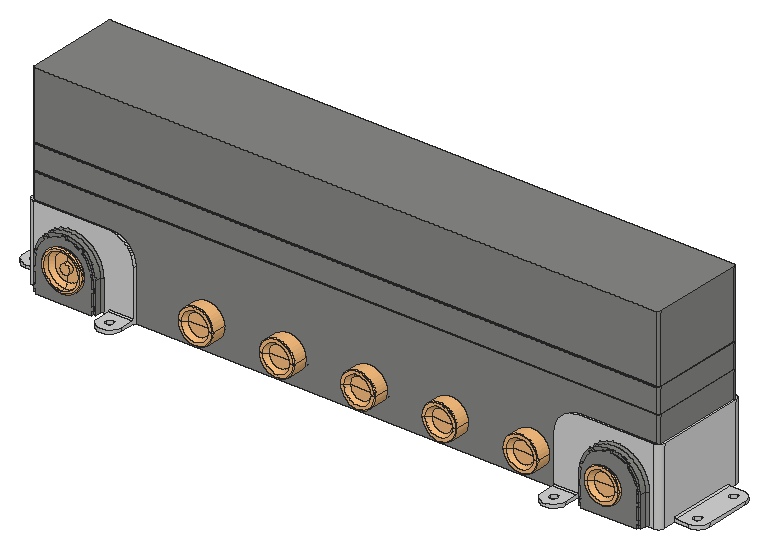
Revit family "Valve-Six_Outlet_Thermostatic-KOHLER-K-26344IN_1", category Plumbing Fixtures, host Face, Revit 2017 (continued)
Definition of nested family "K-26344IN"
  Lines and regions (in)
    symbolic lines, detail levels medium+fine
      curve 164: arc (2.74684, 0, 0.88574) -> (3.29801, 0, 0.33456) -> (3.84919, 0, 0.88574) r 0.55118
      curve 165: arc (2.76518, 0, 0.88574) -> (3.29801, 0, 0.3529) -> (3.83085, 0, 0.88574) r 0.53284
      curve 166: arc (3.72974, 0, 0.88574) -> (3.29801, 0, 0.45401) -> (2.86629, 0, 0.88574) r 0.43173
      curve 167: arc (3.63955, 0, 0.88574) -> (3.29801, 0, 0.54421) -> (2.95648, 0, 0.88574) r 0.34154
      curve 168: arc (3.29918, 0, 1.03768) -> (3.14926, 0, 0.88777) -> (3.29918, 0, 0.73785) r 0.14992
      curve 169: arc (3.29918, 0, 0.73785) -> (3.44909, 0, 0.88777) -> (3.29918, 0, 1.03768) r 0.14992
      curve 170: arc (2.95648, 0, 0.88574) -> (3.29801, 0, 1.22728) -> (3.63955, 0, 0.88574) r 0.34154
      curve 171: arc (2.86629, 0, 0.88574) -> (3.29801, 0, 1.31747) -> (3.72974, 0, 0.88574) r 0.43173
      curve 172: arc (3.83085, 0, 0.88574) -> (3.29801, 0, 1.41858) -> (2.76518, 0, 0.88574) r 0.53284
      curve 173: arc (3.84919, 0, 0.88574) -> (3.29801, 0, 1.43692) -> (2.74684, 0, 0.88574) r 0.55118
      curve 174: line (9.97041, 0, 0.01969) -> (9.97041, 0, 0.17181)
      curve 175: line (9.99852, 0, 0.01969) -> (9.64344, 0, 0.01969)
      curve 176: line (-9.97044, 0, 0.01969) -> (-9.97044, 0, 0.17181)
      curve 177: line (-9.99855, 0, 0.01969) -> (-9.64347, 0, 0.01969)
      curve 178: line (0, 1.84826, 0.01969) -> (0, 1.84826, 1.91975)
      curve 179: line (0, 1.84826, 0.01969) -> (0, 1.59449, 0.01969)
      curve 180: line (0, 1.59449, 0) -> (0, 1.59449, 2.01706)
      curve 181: line (0, 1.92913, 0.32868) -> (0, 1.92913, 1.63661)
      curve 182: line (0, 1.51532, 2.38189) -> (0, -1.51575, 2.38189)
      curve 183: line (0, -1.84826, 0.01969) -> (0, -1.84826, 1.91975)
      curve 184: line (0, -1.84826, 0.01969) -> (0, -1.59449, 0.01969)
      curve 185: line (0, -1.59449, 0) -> (0, -1.59449, 2.01706)
      curve 186: line (0, -1.92913, 0.32868) -> (0, -1.92913, 1.63661)
      curve 187: line (0, 1.92913, 0.11829) -> (0, 1.92913, 0)
      curve 188: line (0, -1.92913, 0.11829) -> (0, -1.92913, 0)
      curve 189: line (0, -1.96296, 0.01953) -> (0, -1.92913, 0.01953)
      curve 190: line (0, 1.96296, 0.01953) -> (0, 1.92913, 0.01953)
      curve 191: line (9.87198, 0, 5.63386) -> (-9.87206, 0, 5.63386)
      curve 192: line (0, 1.51532, 5.63386) -> (0, -1.51575, 5.63386)
      curve 193: arc (6.40728, 0, 0.88557) -> (5.85611, 0, 1.43675) -> (5.30493, 0, 0.88557) r 0.55118
      curve 194: arc (6.38894, 0, 0.88557) -> (5.85611, 0, 1.41841) -> (5.32327, 0, 0.88557) r 0.53284
      curve 195: arc (5.42438, 0, 0.88557) -> (5.85611, 0, 1.3173) -> (6.28783, 0, 0.88557) r 0.43173
      curve 196: arc (5.51457, 0, 0.88557) -> (5.85611, 0, 1.22711) -> (6.19764, 0, 0.88557) r 0.34154
      curve 197: arc (6.19764, 0, 0.88557) -> (5.85611, 0, 0.54404) -> (5.51457, 0, 0.88557) r 0.34154
      curve 198: arc (6.28783, 0, 0.88557) -> (5.85611, 0, 0.45385) -> (5.42438, 0, 0.88557) r 0.43173
      curve 199: arc (5.32327, 0, 0.88557) -> (5.85611, 0, 0.35274) -> (6.38894, 0, 0.88557) r 0.53284
      curve 200: arc (5.30493, 0, 0.88557) -> (5.85611, 0, 0.3344) -> (6.40728, 0, 0.88557) r 0.55118
      curve 201: arc (5.85726, 0, 1.03768) -> (5.70734, 0, 0.88777) -> (5.85726, 0, 0.73785) r 0.14992
      curve 202: arc (5.85726, 0, 0.73785) -> (6.00717, 0, 0.88777) -> (5.85726, 0, 1.03768) r 0.14992
      curve 203: arc (-9.79471, 1.51532, 0.88574) -> (-9.84906, 1.49281, 0.88574) -> (-9.87157, 1.43846, 0.88574) r 0.07686
      curve 204: arc (9.79328, -1.51575, 0.88574) -> (9.84897, -1.49268, 0.88574) -> (9.87204, -1.43698, 0.88574) r 0.07876
      curve 205: line (-9.79428, -1.51575, 0.88574) -> (9.79328, -1.51575, 0.88574)
    reference lines
      curve 206: line (-1.82014, 1.51532, 0.88574) -> (-1.82014, 7.19166, 0.88574)
      curve 207: line (0.73818, 1.51532, 0.88574) -> (0.73818, 7.19166, 0.88574)
      curve 208: line (3.29803, 1.51532, 0.88574) -> (3.29803, 7.19166, 0.88574)
      curve 209: line (5.85611, 1.51532, 0.88574) -> (5.85611, 7.19166, 0.88574)
      curve 217: line (8.41418, 1.51532, 0.88574) -> (8.41418, 5.9687, 0.88574)
      curve 218: line (-4.37846, 1.51532, 0.88574) -> (-4.37846, 6.69166, 0.88574)
    symbolic lines, detail levels coarse
      curve 210: line (-1.08357, 0, 4.80273) -> (1.08179, 0, 3.62163)
      curve 211: line (1.08179, 0, 4.80273) -> (-1.08357, 0, 3.62163)
      curve 212: line (-1.08357, 0, 3.62163) -> (-1.08357, 0, 4.80273)
      curve 213: line (1.08179, 0, 4.80273) -> (1.08179, 0, 3.62163)
      curve 214: line (-0.00089, 0, 4.21218) -> (-0.00089, 0, 3.14646)
      curve 215: line (-1.10075, 0, 3.14646) -> (1.06461, 0, 3.14646)
      curve 216: arc (-1.10075, 0, 3.14646) -> (-0.01807, 0, 2.38189) -> (1.06461, 0, 3.14646) r 1.14885
  Dimensions and locks (in)
    "Connector 2 Dist": plane 79 "C" to plane 61
    "Connector 3 Dist": plane 61 to plane 80 "D"
    "Connector 4 Dist": plane 61 to plane 81 "E"
    "Connector 5 Dist": plane 82 "F" to plane 61
    "Connector 6 Dist": plane 84 "G" to plane 61
    "Connector 1 Dist": plane 85 "B" to plane 61
    "Connector 2 Angle": angle curve 206 to plane 30
    "Connector 3 Angle": angle plane 36 to curve 207
    "Connector 4 Angle": angle curve 208 to plane 39
    "Connector 5 Angle": angle plane 42 to curve 209
    "Connector 6 Angle": angle plane 83 to curve 217
    "Connector 1 Angle": angle plane 33 to curve 218
    aligned and locked: plane 2 to level
    aligned and locked: plane 79 "C" to curve 206
    aligned and locked: plane 80 "D" to curve 207
    aligned and locked: plane 81 "E" to curve 208
    aligned and locked: plane 82 "F" to curve 209
    aligned and locked: Revolve 27 sketch curve to curve 206
    aligned and locked: Revolve 27 sketch curve to Revolve 27 sketch curve
    aligned and locked: Revolve 28 sketch curve to curve 207
    aligned and locked: Revolve 28 sketch curve to Revolve 28 sketch curve
    aligned and locked: Revolve 29 sketch curve to curve 208
    aligned and locked: Revolve 29 sketch curve to Revolve 29 sketch curve
    aligned and locked: Revolve 30 sketch curve to curve 209
    aligned and locked: Revolve 30 sketch curve to Revolve 30 sketch curve
    aligned and locked: plane 84 "G" to curve 217
    aligned and locked: Revolve 34 sketch curve to curve 217
    aligned and locked: Revolve 34 sketch curve to Revolve 34 sketch curve
    aligned and locked: plane 85 "B" to curve 218
    aligned and locked: Revolve 42 sketch curve to curve 218
    aligned and locked: Revolve 42 sketch curve to Revolve 42 sketch curve
    aligned and locked: Extrusion 35 to cut or joined group of Extrusion 1, Sweep 3, Extrusion 4, Sweep 16, Extrusion 17, Sweep 22, Extrusion 23, Extrusion 24, Extrusion 25, Extrusion 26
  Automatic sketch dimensions
    curve 1 to plane 14 = 0.00006"
    curve 3 to plane 66 = 0.00112"
    curve 3 to plane 24 = 0.02068"
    curve 2 to plane 53 = 0.01832"
    curve 4 to plane 45 = 0"
    curve 2 to plane 24 = 0.02068"
    curve 4 to plane 66 = 0.00061"
    curve 1 to plane 64 = 0.00149"
    curve 189 to plane 7 = 0"
    curve 188 to level = 0"
    plane 6 to curve 188 = 0"
    curve 185 to level = 0"
    curve 192 to plane 11 = 0"
    plane 8 to curve 182 = 0"
    curve 180 to level = 0"
    plane 6 to curve 187 = 0"
    curve 187 to level = 0"
    curve 190 to plane 7 = 0"
    plane 7 to curve 183 = 0.00015"
    plane 78 to curve 183 = 0.12046"
    plane 7 to curve 178 = 0.00015"
    plane 77 to curve 178 = 0.12044"
    curve 182 to plane 61 = 0.00018"
    curve 192 to plane 61 = 0.00018"
    plane 63 to curve 184 = 0.00018"
    plane 78 to curve 186 = 0.03959"
    plane 78 to curve 188 = 0.03959"
    plane 78 to curve 189 = 0.00576"
    curve 179 to plane 62 = 0.00018"
    plane 77 to curve 187 = 0.03956"
    plane 77 to curve 181 = 0.03956"
    plane 77 to curve 190 = 0.00574"
    plane 9 to curve 186 = 0.17484"
    plane 9 to curve 181 = 0.17484"
    plane 5 to curve 181 = 0.64739"
    plane 5 to curve 186 = 0.64739"
    curve 186 to curve 183 = 0.28314"
    curve 181 to curve 178 = 0.28314"
    curve 183 to curve 185 = 0.09731"
    curve 178 to curve 180 = 0.09731"
    curve 9 to curve 27 = 0"  (x2)
    curve 9 to curve 31 = 0"  (x2)
    curve 9 to curve 35 = 0"  (x2)
    curve 9 to curve 39 = 0"  (x2)
    curve 9 to curve 43 = 0"  (x2)
    curve 25 to curve 29 = 0"  (x2)
    curve 25 to curve 33 = 0"  (x2)
    curve 25 to curve 37 = 0"  (x2)
    curve 25 to curve 41 = 0"  (x2)
    curve 25 to curve 45 = 0"  (x2)
    curve 27 to curve 31 = 0"  (x2)
    curve 27 to curve 35 = 0"  (x2)
    curve 27 to curve 39 = 0"  (x2)
    curve 27 to curve 43 = 0"  (x2)
    curve 29 to curve 33 = 0"  (x2)
    curve 29 to curve 37 = 0"  (x2)
    curve 29 to curve 41 = 0"  (x2)
    curve 29 to curve 45 = 0"  (x2)
    curve 31 to curve 35 = 0"  (x2)
    curve 31 to curve 39 = 0"  (x2)
    curve 31 to curve 43 = 0"  (x2)
    curve 33 to curve 37 = 0"  (x2)
    curve 33 to curve 41 = 0"  (x2)
    curve 33 to curve 45 = 0"  (x2)
    curve 35 to curve 39 = 0"  (x2)
    curve 35 to curve 43 = 0"  (x2)
    curve 37 to curve 41 = 0"  (x2)
    curve 37 to curve 45 = 0"  (x2)
    curve 39 to curve 43 = 0"  (x2)
    curve 41 to curve 45 = 0"  (x2)
    curve 56 to curve 57 = 0"  (x2)
    curve 56 to curve 58 = 0"  (x2)
    curve 56 to curve 59 = 0"  (x2)
    curve 56 to curve 60 = 0"  (x2)
    curve 56 to curve 61 = 0"  (x2)
    curve 56 to curve 62 = 0"  (x2)
    curve 56 to curve 63 = 0"  (x2)
    curve 57 to curve 58 = 0"  (x2)
    curve 57 to curve 59 = 0"  (x2)
    curve 57 to curve 60 = 0"  (x2)
    curve 57 to curve 61 = 0"  (x2)
    curve 57 to curve 62 = 0"  (x2)
    curve 57 to curve 63 = 0"  (x2)
    curve 58 to curve 59 = 0"  (x2)
    curve 58 to curve 60 = 0"  (x2)
    curve 58 to curve 61 = 0"  (x2)
    curve 58 to curve 62 = 0"  (x2)
    curve 58 to curve 63 = 0"  (x2)
    curve 59 to curve 60 = 0"  (x2)
    curve 59 to curve 61 = 0"  (x2)
    curve 59 to curve 62 = 0"  (x2)
    curve 59 to curve 63 = 0"  (x2)
    curve 60 to curve 61 = 0"  (x2)
    curve 60 to curve 62 = 0"  (x2)
    curve 60 to curve 63 = 0"  (x2)
    curve 61 to curve 62 = 0"  (x2)
    curve 61 to curve 63 = 0"  (x2)
    curve 62 to curve 63 = 0"  (x2)
    curve 64 to curve 65 = 0"  (x2)
    curve 70 to curve 88 = 0"  (x2)
    curve 70 to curve 92 = 0"  (x2)
    curve 70 to curve 96 = 0"  (x2)
    curve 70 to curve 100 = 0"  (x2)
    curve 70 to curve 104 = 0"  (x2)
    curve 86 to curve 90 = 0"  (x2)
    curve 86 to curve 94 = 0"  (x2)
    curve 86 to curve 98 = 0"  (x2)
    curve 86 to curve 102 = 0"  (x2)
    curve 86 to curve 106 = 0"  (x2)
    curve 88 to curve 92 = 0"  (x2)
    curve 88 to curve 96 = 0"  (x2)
    curve 88 to curve 100 = 0"  (x2)
    curve 88 to curve 104 = 0"  (x2)
    curve 90 to curve 94 = 0"  (x2)
    curve 90 to curve 98 = 0"  (x2)
    curve 90 to curve 102 = 0"  (x2)
    curve 90 to curve 106 = 0"  (x2)
    curve 92 to curve 96 = 0"  (x2)
    curve 92 to curve 100 = 0"  (x2)
    curve 92 to curve 104 = 0"  (x2)
    curve 94 to curve 98 = 0"  (x2)
    curve 94 to curve 102 = 0"  (x2)
    curve 94 to curve 106 = 0"  (x2)
    curve 96 to curve 100 = 0"  (x2)
    curve 96 to curve 104 = 0"  (x2)
    curve 98 to curve 102 = 0"  (x2)
    curve 98 to curve 106 = 0"  (x2)
    curve 100 to curve 104 = 0"  (x2)
    curve 102 to curve 106 = 0"  (x2)
    curve 117 to curve 118 = 0"  (x2)
    curve 117 to curve 119 = 0"  (x2)
    curve 117 to curve 120 = 0"  (x2)
    curve 117 to curve 121 = 0"  (x2)
    curve 117 to curve 122 = 0"  (x2)
    curve 117 to curve 125 = 0"  (x2)
    curve 117 to curve 126 = 0"  (x2)
    curve 118 to curve 119 = 0"  (x2)
    curve 118 to curve 120 = 0"  (x2)
    curve 118 to curve 121 = 0"  (x2)
    curve 118 to curve 122 = 0"  (x2)
    curve 118 to curve 125 = 0"  (x2)
    curve 118 to curve 126 = 0"  (x2)
    curve 119 to curve 120 = 0"  (x2)
    curve 119 to curve 121 = 0"  (x2)
    curve 119 to curve 122 = 0"  (x2)
    curve 119 to curve 125 = 0"  (x2)
    curve 119 to curve 126 = 0"  (x2)
    curve 120 to curve 121 = 0"  (x2)
    curve 120 to curve 122 = 0"  (x2)
    curve 120 to curve 125 = 0"  (x2)
    curve 120 to curve 126 = 0"  (x2)
    curve 121 to curve 122 = 0"  (x2)
    curve 121 to curve 125 = 0"  (x2)
    curve 121 to curve 126 = 0"  (x2)
    curve 122 to curve 125 = 0"  (x2)
    curve 122 to curve 126 = 0"  (x2)
    curve 123 to curve 124 = 0"  (x2)
    curve 125 to curve 126 = 0"  (x2)
    curve 134 to curve 135 = 0"  (x2)
    curve 134 to curve 136 = 0"  (x2)
    curve 134 to curve 137 = 0"  (x2)
    curve 134 to curve 140 = 0"  (x2)
    curve 134 to curve 141 = 0"  (x2)
    curve 134 to curve 142 = 0"  (x2)
    curve 134 to curve 143 = 0"  (x2)
    curve 135 to curve 136 = 0"  (x2)
    curve 135 to curve 137 = 0"  (x2)
    curve 135 to curve 140 = 0"  (x2)
    curve 135 to curve 141 = 0"  (x2)
    curve 135 to curve 142 = 0"  (x2)
    curve 135 to curve 143 = 0"  (x2)
    curve 136 to curve 137 = 0"  (x2)
    curve 136 to curve 140 = 0"  (x2)
    curve 136 to curve 141 = 0"  (x2)
    curve 136 to curve 142 = 0"  (x2)
    curve 136 to curve 143 = 0"  (x2)
    curve 137 to curve 140 = 0"  (x2)
    curve 137 to curve 141 = 0"  (x2)
    curve 137 to curve 142 = 0"  (x2)
    curve 137 to curve 143 = 0"  (x2)
    curve 138 to curve 139 = 0"  (x2)
    curve 140 to curve 141 = 0"  (x2)
    curve 140 to curve 142 = 0"  (x2)
    curve 140 to curve 143 = 0"  (x2)
    curve 141 to curve 142 = 0"  (x2)
    curve 141 to curve 143 = 0"  (x2)
    curve 142 to curve 143 = 0"  (x2)
    curve 144 to curve 145 = 0"  (x2)
    curve 144 to curve 146 = 0"  (x2)
    curve 144 to curve 147 = 0"  (x2)
    curve 144 to curve 150 = 0"  (x2)
    curve 144 to curve 151 = 0"  (x2)
    curve 144 to curve 152 = 0"  (x2)
    curve 144 to curve 153 = 0"  (x2)
    curve 145 to curve 146 = 0"  (x2)
    curve 145 to curve 147 = 0"  (x2)
    curve 145 to curve 150 = 0"  (x2)
    curve 145 to curve 151 = 0"  (x2)
    curve 145 to curve 152 = 0"  (x2)
    curve 145 to curve 153 = 0"  (x2)
    curve 146 to curve 147 = 0"  (x2)
    curve 146 to curve 150 = 0"  (x2)
    curve 146 to curve 151 = 0"  (x2)
    curve 146 to curve 152 = 0"  (x2)
    curve 146 to curve 153 = 0"  (x2)
    curve 147 to curve 150 = 0"  (x2)
    curve 147 to curve 151 = 0"  (x2)
    curve 147 to curve 152 = 0"  (x2)
    curve 147 to curve 153 = 0"  (x2)
    curve 148 to curve 149 = 0"  (x2)
    curve 150 to curve 151 = 0"  (x2)
    curve 150 to curve 152 = 0"  (x2)
    curve 150 to curve 153 = 0"  (x2)
    curve 151 to curve 152 = 0"  (x2)
    curve 151 to curve 153 = 0"  (x2)
    curve 152 to curve 153 = 0"  (x2)
    curve 154 to curve 155 = 0"  (x2)
    curve 154 to curve 156 = 0"  (x2)
    curve 154 to curve 157 = 0"  (x2)
    curve 154 to curve 160 = 0"  (x2)
    curve 154 to curve 161 = 0"  (x2)
    curve 154 to curve 162 = 0"  (x2)
    curve 154 to curve 163 = 0"  (x2)
    curve 155 to curve 156 = 0"  (x2)
    curve 155 to curve 157 = 0"  (x2)
    curve 155 to curve 160 = 0"  (x2)
    curve 155 to curve 161 = 0"  (x2)
    curve 155 to curve 162 = 0"  (x2)
    curve 155 to curve 163 = 0"  (x2)
    curve 156 to curve 157 = 0"  (x2)
    curve 156 to curve 160 = 0"  (x2)
    curve 156 to curve 161 = 0"  (x2)
    curve 156 to curve 162 = 0"  (x2)
    curve 156 to curve 163 = 0"  (x2)
    curve 157 to curve 160 = 0"  (x2)
    curve 157 to curve 161 = 0"  (x2)
    curve 157 to curve 162 = 0"  (x2)
    curve 157 to curve 163 = 0"  (x2)
    curve 158 to curve 159 = 0"  (x2)
    curve 160 to curve 161 = 0"  (x2)
    curve 160 to curve 162 = 0"  (x2)
    curve 160 to curve 163 = 0"  (x2)
    curve 161 to curve 162 = 0"  (x2)
    curve 161 to curve 163 = 0"  (x2)
    curve 162 to curve 163 = 0"  (x2)
    curve 164 to curve 165 = 0"  (x2)
    curve 164 to curve 166 = 0"  (x2)
    curve 164 to curve 167 = 0"  (x2)
    curve 164 to curve 170 = 0"  (x2)
    curve 164 to curve 171 = 0"  (x2)
    curve 164 to curve 172 = 0"  (x2)
    curve 164 to curve 173 = 0"  (x2)
    curve 165 to curve 166 = 0"  (x2)
    curve 165 to curve 167 = 0"  (x2)
    curve 165 to curve 170 = 0"  (x2)
    curve 165 to curve 171 = 0"  (x2)
    curve 165 to curve 172 = 0"  (x2)
    curve 165 to curve 173 = 0"  (x2)
    curve 166 to curve 167 = 0"  (x2)
    curve 166 to curve 170 = 0"  (x2)
    curve 166 to curve 171 = 0"  (x2)
    curve 166 to curve 172 = 0"  (x2)
    curve 166 to curve 173 = 0"  (x2)
    curve 167 to curve 170 = 0"  (x2)
    curve 167 to curve 171 = 0"  (x2)
    curve 167 to curve 172 = 0"  (x2)
    curve 167 to curve 173 = 0"  (x2)
    curve 168 to curve 169 = 0"  (x2)
    curve 170 to curve 171 = 0"  (x2)
    curve 170 to curve 172 = 0"  (x2)
    curve 170 to curve 173 = 0"  (x2)
    curve 171 to curve 172 = 0"  (x2)
    curve 171 to curve 173 = 0"  (x2)
    curve 172 to curve 173 = 0"  (x2)
    curve 193 to curve 194 = 0"  (x2)
    curve 193 to curve 195 = 0"  (x2)
    curve 193 to curve 196 = 0"  (x2)
    curve 193 to curve 197 = 0"  (x2)
    curve 193 to curve 198 = 0"  (x2)
    curve 193 to curve 199 = 0"  (x2)
    curve 193 to curve 200 = 0"  (x2)
    curve 194 to curve 195 = 0"  (x2)
    curve 194 to curve 196 = 0"  (x2)
    curve 194 to curve 197 = 0"  (x2)
    curve 194 to curve 198 = 0"  (x2)
    curve 194 to curve 199 = 0"  (x2)
    curve 194 to curve 200 = 0"  (x2)
    curve 195 to curve 196 = 0"  (x2)
    curve 195 to curve 197 = 0"  (x2)
    curve 195 to curve 198 = 0"  (x2)
    curve 195 to curve 199 = 0"  (x2)
    curve 195 to curve 200 = 0"  (x2)
    curve 196 to curve 197 = 0"  (x2)
    curve 196 to curve 198 = 0"  (x2)
    curve 196 to curve 199 = 0"  (x2)
    curve 196 to curve 200 = 0"  (x2)
    curve 197 to curve 198 = 0"  (x2)
    curve 197 to curve 199 = 0"  (x2)
    curve 197 to curve 200 = 0"  (x2)
    curve 198 to curve 199 = 0"  (x2)
    curve 198 to curve 200 = 0"  (x2)
    curve 199 to curve 200 = 0"  (x2)
    curve 201 to curve 202 = 0"  (x2)
    curve 191 to plane 11 = 0"
    plane 14 to curve 191 = 0"
    curve 8 to plane 8 = 0"
    curve 54 to level = 0"
    curve 64 to plane 5 = 0"
    curve 16 to level = 0"
    curve 67 to plane 7 = 0"
    curve 67 to plane 9 = 0"
    curve 69 to plane 6 = 0"
    curve 6 to level = 0"
    curve 134 to plane 4 "A" = 0"
    curve 144 to plane 4 "A" = 0"
    curve 154 to plane 4 "A" = 0"
    curve 173 to plane 4 "A" = 0"
    curve 198 to plane 42 = 0"
    curve 127 to level = 0"
    curve 130 to plane 6 = 0"
    curve 133 to plane 7 = 0"
    curve 129 to plane 8 = 0"
    curve 77 to level = 0"
    curve 120 to plane 83 = 0"
    curve 115 to level = 0"
    plane 7 to curve 177 = 0.00015"
    plane 23 to curve 177 = 0.01979"
    curve 10 to plane 15 = 0"
    plane 16 to curve 48 = 0"
    plane 16 to curve 52 = 0"
    curve 44 to plane 16 = 0.01534"
    curve 42 to plane 16 = 0.04389"
    curve 53 to plane 9 = 0.01605"
    curve 53 to plane 16 = 0.05904"
    curve 49 to plane 16 = 0.05904"
    curve 47 to plane 16 = 0.05904"
    curve 44 to curve 44 = 0.05737"
    curve 42 to curve 42 = 0.05739"
    curve 40 to plane 16 = 0.31394"
    curve 40 to curve 40 = 0.03647"
    curve 39 to curve 38 = 0.09306"
    curve 38 to curve 38 = 0.03648"
    plane 27 to curve 36 = 0.05935"
    plane 27 to curve 64 = 0.00734"
    plane 27 to curve 33 = 0.0003"
    curve 39 to curve 25 = 0"
    plane 27 to curve 55 = 0.0003"
    plane 27 to curve 60 = 0"
    curve 34 to plane 27 = 0.05876"
    curve 32 to plane 18 = 0.44408"
    curve 32 to curve 32 = 0.03648"
    curve 33 to curve 30 = 0.09307"
    curve 30 to curve 30 = 0.03647"
    curve 28 to plane 18 = 0.10188"
    curve 26 to plane 18 = 0.07331"
    curve 17 to plane 9 = 0.01605"
    curve 17 to plane 18 = 0.05964"
    curve 20 to plane 18 = 0.05964"
    curve 23 to plane 18 = 0.05964"
    curve 28 to plane 18 = 0.04449"
    curve 26 to plane 18 = 0.01594"
    curve 19 to plane 18 = 0.00058"
    curve 21 to plane 18 = 0.00058"
    curve 8 to plane 19 = 0.04007"
    curve 67 to plane 19 = 0"
    curve 6 to plane 20 = 0.00004"
    curve 137 to plane 33 = 0.00161"
    curve 139 to plane 33 = 0.00105"
    curve 152 to plane 30 = 0"
    plane 30 to curve 148 = 0.00153"
    curve 215 to plane 22 = 0.16821"
    curve 210 to plane 22 = 0.18539"
    curve 216 to plane 3 "Center (Left/Right)" = 0.01807"
    curve 162 to plane 36 = 0"
    plane 36 to curve 158 = 0.00115"
    plane 35 to curve 211 = 0.20757"
    curve 172 to plane 39 = 0"
    plane 39 to curve 169 = 0.00115"
    plane 42 to curve 202 = 0.00115"
    curve 127 to plane 51 = 0.00007"
    curve 132 to plane 9 = 0.00027"
    plane 50 to curve 132 = 0.00084"
    curve 129 to plane 50 = 0.04004"
    plane 7 to curve 76 = 0.00015"
    plane 54 to curve 76 = 0.01365"
    plane 48 to curve 72 = 0.00056"
    curve 79 to plane 49 = 0.00056"
    curve 84 to plane 49 = 0.00056"
    curve 87 to plane 49 = 0.01591"
    curve 89 to plane 49 = 0.04446"
    curve 83 to curve 84 = 0.05906"
    curve 79 to curve 80 = 0.05906"
    curve 78 to plane 9 = 0.01605"
    curve 78 to curve 78 = 0.05906"
    curve 87 to curve 87 = 0.05737"
    curve 89 to curve 89 = 0.05739"
    curve 91 to plane 49 = 0.31451"
    curve 91 to curve 91 = 0.03647"
    curve 92 to curve 93 = 0.09306"
    curve 93 to curve 93 = 0.03648"
    plane 83 to curve 124 = 0.00173"
    plane 83 to curve 95 = 0.11928"
    curve 104 to plane 5 = 0.00477"
    plane 83 to curve 104 = 0.17834"
    curve 70 to curve 102 = 0"
    curve 86 to curve 116 = 0"
    curve 94 to curve 97 = 0.11811"
    curve 99 to plane 47 = 0.44351"
    curve 98 to curve 99 = 0.03648"
    curve 98 to curve 101 = 0.09307"
    curve 102 to curve 101 = 0.03647"
    curve 103 to plane 47 = 0.10131"
    curve 105 to plane 47 = 0.07274"
    curve 108 to plane 47 = 0.05907"
    curve 110 to plane 47 = 0.05907"
    curve 115 to plane 9 = 0.01605"
    curve 115 to plane 47 = 0.05907"
    curve 103 to plane 47 = 0.04392"
    curve 105 to plane 47 = 0.01537"
    curve 113 to plane 47 = 0"
    curve 110 to plane 47 = 0"
    plane 7 to curve 13 = 0.00015"
    plane 7 to curve 75 = 0.00015"
    plane 9 to curve 51 = 0.10206"
    plane 9 to curve 80 = 0.10206"
    plane 9 to curve 112 = 0.10206"
    plane 9 to curve 18 = 0.10206"
    curve 82 to plane 4 "A" = 0.25582"
    curve 109 to plane 4 "A" = 0.25582"
    curve 20 to plane 4 "A" = 0.25582"
    curve 48 to plane 4 "A" = 0.25582"
    curve 20 to curve 24 = 0.11811"
    curve 82 to curve 83 = 0.11811"
    curve 109 to curve 109 = 0.11811"
    curve 49 to curve 46 = 0.11811"
    curve 148 to plane 4 "A" = 0.00384"
    curve 124 to plane 4 "A" = 0.00211"
    curve 139 to plane 4 "A" = 0.00188"
    curve 121 to plane 4 "A" = 0.0002"
    curve 200 to plane 4 "A" = 0.00017"
    plane 4 "A" to curve 168 = 0.00202"
    plane 4 "A" to curve 201 = 0.00202"
    plane 4 "A" to curve 158 = 0.00202"
    curve 74 to plane 5 = 0.01014"
    curve 55 to plane 5 = 0.01014"
    curve 24 to plane 5 = 0.00496"
    curve 58 to curve 25 = 0"
    curve 98 to curve 70 = 0.0002"
    curve 25 to curve 9 = 0.0002"
    curve 86 to curve 87 = 0.0143"
    curve 44 to curve 44 = 0.0143"
    curve 106 to curve 105 = 0.0143"
    curve 26 to curve 26 = 0.0143"
    curve 42 to curve 42 = 0.01431"
    curve 103 to curve 103 = 0.01431"
    curve 28 to curve 28 = 0.01431"
    curve 89 to curve 89 = 0.01431"
    curve 30 to curve 30 = 0.04668"
    curve 102 to curve 101 = 0.04668"
    curve 91 to curve 91 = 0.04668"
    curve 40 to curve 40 = 0.04668"
    curve 38 to curve 38 = 0.04669"
    curve 93 to curve 93 = 0.04669"
    curve 32 to curve 32 = 0.04669"
    curve 99 to curve 99 = 0.04669"
    curve 97 to curve 97 = 0.05929"
    curve 36 to curve 36 = 0.05929"
    curve 215 to plane 8 = 0.76457"
    curve 214 to curve 216 = 0.38428"
    curve 216 to curve 211 = 0.47517"
    curve 215 to curve 210 = 0.47517"
    curve 213 to plane 11 = 0.83113"
    curve 210 to plane 11 = 0.83113"
    plane 13 to curve 176 = 0.00004"
    curve 177 to plane 13 = 0.02807"
    curve 8 to plane 14 = 0.00004"
    curve 134 to plane 31 = 0.00161"
    plane 31 to curve 135 = 0.01673"
    curve 135 to curve 136 = 0.10111"
    curve 136 to curve 137 = 0.09019"
    curve 144 to plane 21 = 0"
    plane 21 to curve 152 = 0.01849"
    curve 145 to curve 146 = 0.10079"
    curve 146 to curve 150 = 0.09036"
    curve 214 to plane 3 "Center (Left/Right)" = 0.00089"
    curve 154 to plane 34 = 0"
    plane 34 to curve 155 = 0.01833"
    curve 155 to curve 156 = 0.10111"
    curve 161 to curve 160 = 0.09019"
    curve 173 to plane 37 = 0"
    plane 37 to curve 165 = 0.01833"
    curve 165 to curve 166 = 0.10111"
    curve 166 to curve 167 = 0.09019"
    plane 40 to curve 193 = 0"
    curve 193 to curve 194 = 0.01834"
    curve 199 to curve 195 = 0.10111"
    curve 198 to curve 197 = 0.09019"
    curve 86 to curve 119 = 0.14647"
    curve 117 to curve 120 = 0.01834"
    curve 118 to curve 126 = 0.10111"
    curve 126 to curve 122 = 0.09019"
    curve 191 to plane 45 = 0.00007"
    plane 45 to curve 129 = 0.00014"
    plane 44 to curve 174 = 0.00007"
    curve 175 to plane 44 = 0.02804"
    plane 9 to curve 176 = 0.01796"
    plane 9 to curve 174 = 0.01796"
    plane 9 to curve 56 = 0.19078"
    curve 56 to curve 58 = 0.03924"
    curve 58 to curve 61 = 0.05692"
    curve 60 to curve 63 = 0.12098"
    curve 149 to curve 148 = 0.14992"
    curve 124 to curve 123 = 0.14992"
    curve 139 to curve 138 = 0.14992"
    curve 159 to plane 4 "A" = 0.14789"
    curve 169 to plane 4 "A" = 0.14789"
    curve 201 to curve 193 = 0.14773"
    curve 65 to plane 4 "A" = 0.04645"
    plane 13 to Masking region 1 sketch curve = 0.00006"
    plane 24 to Masking region 1 sketch curve = 0.00005"  (x2)
    Masking region 1 sketch curve to plane 53 = 0.00078"  (x2)
    plane 63 to Masking region 1 sketch curve = 0.00018"
    Masking region 1 sketch curve to plane 44 = 0.00077"
    plane 65 to Masking region 1 sketch curve = 0.00059"
    Masking region 2 sketch curve to plane 6 = 0"  (x2)
    Masking region 2 sketch curve to plane 7 = 0"  (x2)
    Masking region 2 sketch curve to level = 0"
    Masking region 2 sketch curve to plane 8 = 0"  (x2)
    Masking region 2 sketch curve to plane 10 = 0"
    Masking region 2 sketch curve to plane 12 = 0"
    Masking region 2 sketch curve to plane 13 = 0.09147"
    Masking region 2 sketch curve to plane 13 = 0.05365"
    Masking region 2 sketch curve to plane 13 = 0.02785"
    plane 13 to Masking region 2 sketch curve = 0.00004"  (x2)
    Masking region 2 sketch curve to plane 14 = 0.00004"
    Masking region 2 sketch curve to plane 45 = 0.00007"
    plane 44 to Masking region 2 sketch curve = 0.00007"  (x2)
    Masking region 2 sketch curve to plane 44 = 0.02782"
    Masking region 2 sketch curve to plane 44 = 0.05362"
    plane 9 to Masking region 2 sketch curve = 0.05608"
    Masking region 2 sketch curve to plane 44 = 0.09144"
    plane 43 to Masking region 2 sketch curve = 0"
    plane 9 to Masking region 2 sketch curve = 0.01796"
    Masking region 3 sketch curve to plane 7 = 0"  (x2)
    Masking region 3 sketch curve to plane 60 = 0"
    Masking region 3 sketch curve to level = 0"
    plane 6 to Masking region 3 sketch curve = 0"  (x2)
    plane 8 to Masking region 3 sketch curve = 0"  (x2)
    Masking region 3 sketch curve to plane 10 = 0"
    Masking region 3 sketch curve to plane 75 = 0"
    Masking region 3 sketch curve to plane 58 = 0"
    Masking region 3 sketch curve to plane 76 = 0.00019"
    plane 78 to Masking region 3 sketch curve = 0.00576"
    Masking region 3 sketch curve to Masking region 3 sketch curve = 0.03383"
    plane 78 to Masking region 3 sketch curve = 0.03959"  (x2)
    Masking region 3 sketch curve to Masking region 3 sketch curve = 0.08087"
    Masking region 3 sketch curve to plane 63 = 0.09796"
    Masking region 3 sketch curve to plane 63 = 0.09582"
    plane 63 to Masking region 3 sketch curve = 0.00018"
    Masking region 3 sketch curve to plane 61 = 0.00018"
    Masking region 3 sketch curve to plane 62 = 0.00018"
    Masking region 3 sketch curve to plane 62 = 0.09618"
    Masking region 3 sketch curve to plane 62 = 0.09832"
    plane 77 to Masking region 3 sketch curve = 0.12044"
    plane 77 to Masking region 3 sketch curve = 0.03956"  (x3)
    plane 77 to Masking region 3 sketch curve = 0.00574"
    plane 9 to Masking region 3 sketch curve = 0.17484"  (x2)
    Masking region 3 sketch curve to Masking region 3 sketch curve = 0.0398"  (x2)
    plane 5 to Masking region 3 sketch curve = 0.59334"  (x2)
    Masking region 3 sketch curve to Masking region 3 sketch curve = 0.05901"  (x2)
    Masking region 3 sketch curve to Masking region 3 sketch curve = 0.27787"  (x2)
    Masking region 3 sketch curve to Masking region 3 sketch curve = 0.03942"  (x2)
    Masking region 3 sketch curve to Masking region 3 sketch curve = 0.05968"  (x2)
    Extrusion 1 sketch curve to plane 14 = 0.00006"
    Extrusion 1 sketch curve to plane 24 = 0.02068"
    Extrusion 1 sketch curve to plane 61 = 0.00018"
    Extrusion 1 sketch curve to plane 24 = 0.02024"
    Extrusion 1 sketch curve to plane 53 = 0.01922"
    plane 66 to Extrusion 1 sketch curve = 0.00035"
    Extrusion 1 sketch curve to plane 53 = 0.01924"
    Extrusion 2 sketch curve to Extrusion 2 sketch curve = 0"  (x8)
    Extrusion 2 sketch curve to plane 12 = 0"
    Extrusion 2 sketch curve to plane 71 = 0"  (x2)
    plane 29 to Extrusion 2 sketch curve = 0"  (x2)
    Extrusion 2 sketch curve to plane 29 = 0.00076"
    Extrusion 2 sketch curve to plane 70 = 0"  (x2)
    Extrusion 2 sketch curve to plane 29 = 0.00082"
    Extrusion 2 sketch curve to plane 24 = 0.00895"
    Extrusion 2 sketch curve to plane 19 = 0"  (x2)
    plane 73 to Extrusion 2 sketch curve = 0"  (x2)
    Extrusion 2 sketch curve to plane 28 = 0"  (x2)
    plane 51 to Extrusion 2 sketch curve = 0"  (x2)
    Extrusion 2 sketch curve to plane 56 = 0"  (x2)
    plane 69 to Extrusion 2 sketch curve = 0"
    Extrusion 2 sketch curve to plane 53 = 0.00895"
    Extrusion 2 sketch curve to plane 57 = 0.00082"
    Extrusion 2 sketch curve to plane 57 = 0.00076"
    plane 57 to Extrusion 2 sketch curve = 0"  (x2)
    Extrusion 2 sketch curve to plane 43 = 0"
    Extrusion 2 sketch curve to plane 66 = 0.03234"  (x2)
    plane 74 to Extrusion 2 sketch curve = 0.00132"  (x2)
    plane 72 to Extrusion 2 sketch curve = 0.00006"  (x2)
    Extrusion 2 sketch curve to plane 71 = 0.02051"
    Extrusion 2 sketch curve to plane 64 = 0.00109"  (x2)
    Sweep 3 sketch curve to plane 15 = 0"
    plane 27 to Sweep 3 sketch curve = 0.00029"
    Sweep 3 sketch curve to plane 5 = 0.00493"
    Sweep 3 sketch curve to plane 7 = 0"  (x2)
    Sweep 3 sketch curve to profile plane = 0"  (x2)
    Sweep 3 sketch curve to profile plane = 1.85039"
    Sweep 3 sketch curve to Sweep 3 sketch curve = 0.16529"
    Sweep 3 sketch curve to Sweep 3 sketch curve = 0.26958"
    Sweep 3 sketch curve to profile plane = 0.31023"  (x2)
    profile plane to Sweep 3 sketch curve = 1.573"
    Sweep 3 sketch curve to Sweep 3 sketch curve = 0.10428"
    Sweep 3 sketch curve to Sweep 3 sketch curve = 0.17311"
    profile plane to Sweep 3 sketch curve = 0.07652"  (x2)
    Extrusion 4 sketch curve to Extrusion 4 sketch curve = 0"  (x51)
    plane 16 to Extrusion 4 sketch curve = 0"  (x2)
    Extrusion 4 sketch curve to plane 16 = 0.01535"
    Extrusion 4 sketch curve to plane 16 = 0.0439"
    Extrusion 4 sketch curve to plane 9 = 0.01622"  (x2)
    Extrusion 4 sketch curve to plane 16 = 0.05905"  (x3)
    Extrusion 4 sketch curve to Extrusion 4 sketch curve = 0.05737"
    Extrusion 4 sketch curve to Extrusion 4 sketch curve = 0.05739"
    Extrusion 4 sketch curve to plane 16 = 0.31395"
    Extrusion 4 sketch curve to Extrusion 4 sketch curve = 0.03647"  (x2)
    Extrusion 4 sketch curve to Extrusion 4 sketch curve = 0.09306"
    Extrusion 4 sketch curve to Extrusion 4 sketch curve = 0.03648"  (x2)
    plane 27 to Extrusion 4 sketch curve = 0.05934"
    plane 27 to Extrusion 4 sketch curve = 0.00029"
    Extrusion 4 sketch curve to plane 27 = 0.05877"
    Extrusion 4 sketch curve to plane 18 = 0.44406"
    Extrusion 4 sketch curve to Extrusion 4 sketch curve = 0.09307"
    Extrusion 4 sketch curve to plane 18 = 0.10187"
    Extrusion 4 sketch curve to plane 18 = 0.07329"
    Extrusion 4 sketch curve to plane 18 = 0.05963"  (x2)
    Extrusion 4 sketch curve to plane 5 = 0.00513"
    plane 17 to Extrusion 4 sketch curve = 0.099"
    Extrusion 4 sketch curve to plane 18 = 0.04448"
    Extrusion 4 sketch curve to plane 18 = 0.01593"
    Extrusion 4 sketch curve to plane 18 = 0.00057"  (x2)
    Extrusion 4 sketch curve to level = 0.00017"
    plane 9 to Extrusion 4 sketch curve = 0.10189"  (x2)
    Extrusion 4 sketch curve to plane 4 "A" = 0.25599"  (x2)
    Extrusion 4 sketch curve to Extrusion 4 sketch curve = 0.11811"  (x2)
    Extrusion 4 sketch curve to Extrusion 4 sketch curve = 0.0002"
    Extrusion 4 sketch curve to Extrusion 4 sketch curve = 0.0143"  (x2)
    Extrusion 4 sketch curve to Extrusion 4 sketch curve = 0.01431"  (x2)
    Extrusion 4 sketch curve to Extrusion 4 sketch curve = 0.04668"  (x2)
    Extrusion 4 sketch curve to Extrusion 4 sketch curve = 0.04669"  (x2)
    Extrusion 4 sketch curve to Extrusion 4 sketch curve = 0.05929"
    Revolve 5 sketch curve to plane 76 = 0"
    Revolve 5 sketch curve to plane 75 = 0"
    plane 78 to Revolve 5 sketch curve = 0.01764"
    plane 78 to Revolve 5 sketch curve = 0.11619"
    Revolve 5 sketch curve to plane 63 = 0.13688"
    Revolve 5 sketch curve to plane 5 = 0.00513"  (x2)
    Revolve 5 sketch curve to plane 62 = 0.13298"
    plane 77 to Revolve 5 sketch curve = 0.12044"
    plane 77 to Revolve 5 sketch curve = 0.02188"
    plane 5 to Revolve 5 sketch curve = 0.41737"  (x2)
    Revolve 5 sketch curve to Revolve 5 sketch curve = 0.12098"  (x2)
    Revolve 5 sketch curve to Revolve 5 sketch curve = 0.05483"
    Revolve 5 sketch curve to Revolve 5 sketch curve = 0.05891"
    Revolve 5 sketch curve to Revolve 5 sketch curve = 0.04133"
    Revolve 5 sketch curve to plane 1 "Center (Front/Back)" = 0.17236"
    Revolve 5 sketch curve to plane 71 = 0.03626"
    Revolve 6 sketch curve to plane 78 = 0"
    Revolve 6 sketch curve to plane 36 = 0"  (x2)
    plane 34 to Revolve 6 sketch curve = 0.20964"  (x2)
    plane 34 to Revolve 6 sketch curve = 0.11945"
    plane 77 to Revolve 6 sketch curve = 0.00003"
    plane 34 to Revolve 6 sketch curve = 0.11649"
    plane 34 to Revolve 6 sketch curve = 0.0213"
    plane 34 to Revolve 6 sketch curve = 0.01834"
    plane 34 to Revolve 6 sketch curve = 0"
    plane 78 to Revolve 6 sketch curve = 0.02619"
    plane 78 to Revolve 6 sketch curve = 0.12881"
    plane 77 to Revolve 6 sketch curve = 0.13306"
    plane 77 to Revolve 6 sketch curve = 0.03044"
    Revolve 6 sketch curve to plane 68 = 0.17452"
    Revolve 6 sketch curve to plane 1 "Center (Front/Back)" = 0.15535"
    Revolve 7 sketch curve to plane 30 = 0"  (x2)
    plane 21 to Revolve 7 sketch curve = 0.20964"  (x2)
    Revolve 7 sketch curve to plane 78 = 0.00023"
    plane 21 to Revolve 7 sketch curve = 0.11929"
    Revolve 7 sketch curve to plane 77 = 0"
    plane 21 to Revolve 7 sketch curve = 0.11648"
    plane 21 to Revolve 7 sketch curve = 0.02131"
    plane 21 to Revolve 7 sketch curve = 0.0185"
    plane 21 to Revolve 7 sketch curve = 0"
    plane 77 to Revolve 7 sketch curve = 0.03044"
    plane 77 to Revolve 7 sketch curve = 0.13305"
    plane 78 to Revolve 7 sketch curve = 0.12881"
    plane 78 to Revolve 7 sketch curve = 0.02619"
    Revolve 7 sketch curve to plane 1 "Center (Front/Back)" = 0.12724"
    Revolve 7 sketch curve to plane 68 = 0.20263"
    Revolve 8 sketch curve to plane 78 = 0"
    Revolve 8 sketch curve to plane 31 = 0.0016"
    plane 31 to Revolve 8 sketch curve = 0.01674"
    plane 77 to Revolve 8 sketch curve = 0.00032"
    plane 31 to Revolve 8 sketch curve = 0.01949"
    Revolve 8 sketch curve to Revolve 8 sketch curve = 0.09561"
    Revolve 8 sketch curve to Revolve 8 sketch curve = 0.10111"
    Revolve 8 sketch curve to Revolve 8 sketch curve = 0.09019"
    Revolve 8 sketch curve to Revolve 8 sketch curve = 0.09295"
    Revolve 8 sketch curve to plane 33 = 0.0016"  (x2)
    plane 78 to Revolve 8 sketch curve = 0.02619"
    plane 78 to Revolve 8 sketch curve = 0.12881"
    plane 77 to Revolve 8 sketch curve = 0.13306"
    plane 77 to Revolve 8 sketch curve = 0.03044"
    Revolve 8 sketch curve to plane 68 = 0.17452"
    Revolve 8 sketch curve to plane 1 "Center (Front/Back)" = 0.15535"
    plane 6 to Extrusion 9 sketch curve = 0.00766"
    Extrusion 9 sketch curve to plane 13 = 0.09145"
    plane 13 to Extrusion 9 sketch curve = 0.00742"
    plane 9 to Extrusion 9 sketch curve = 0.04876"
    plane 62 to Extrusion 10 sketch curve = 0.0129"
    plane 6 to Extrusion 10 sketch curve = 0.00748"
    Extrusion 10 sketch curve to plane 62 = 0.05802"
    plane 9 to Extrusion 10 sketch curve = 0.0363"
    plane 63 to Extrusion 11 sketch curve = 0.009"
    plane 6 to Extrusion 11 sketch curve = 0.00748"
    Extrusion 11 sketch curve to plane 63 = 0.06193"
    plane 9 to Extrusion 11 sketch curve = 0.0363"
    Extrusion 12 sketch curve to plane 27 = 0.01118"
    Extrusion 12 sketch curve to plane 5 = 0.00948"
    Revolve 13 sketch curve to plane 78 = 0"
    Revolve 13 sketch curve to plane 39 = 0"  (x2)
    plane 37 to Revolve 13 sketch curve = 0.22755"
    plane 37 to Revolve 13 sketch curve = 0.20964"
    plane 37 to Revolve 13 sketch curve = 0.11945"
    plane 77 to Revolve 13 sketch curve = 0.00011"
    plane 37 to Revolve 13 sketch curve = 0.11655"
    plane 37 to Revolve 13 sketch curve = 0.02124"
    plane 37 to Revolve 13 sketch curve = 0.01834"
    plane 37 to Revolve 13 sketch curve = 0"
    plane 78 to Revolve 13 sketch curve = 0.02619"
    plane 78 to Revolve 13 sketch curve = 0.12881"
    plane 77 to Revolve 13 sketch curve = 0.15863"
    plane 77 to Revolve 13 sketch curve = 0.03044"
    Revolve 13 sketch curve to plane 68 = 0.17452"
    Revolve 13 sketch curve to plane 1 "Center (Front/Back)" = 0.15535"
    plane 13 to Extrusion 14 sketch curve = 0.00006"
    plane 63 to Extrusion 14 sketch curve = 0.00018"
    Extrusion 14 sketch curve to plane 24 = 0.00074"
    plane 24 to Extrusion 14 sketch curve = 0.00005"
    Extrusion 14 sketch curve to plane 62 = 0.00018"
    Extrusion 14 sketch curve to plane 20 = 0.18767"
    plane 8 to Extrusion 15 sketch curve = 0.00017"
    Extrusion 15 sketch curve to plane 13 = 0.19163"
    Extrusion 15 sketch curve to plane 19 = 0.04005"
    Extrusion 15 sketch curve to plane 20 = 0.00006"
    Extrusion 15 sketch curve to level = 0.15642"
    Extrusion 15 sketch curve to Extrusion 15 sketch curve = 0.46186"
    Extrusion 15 sketch curve to plane 8 = 0.49983"
    plane 46 to Sweep 16 sketch curve = 0"
    Sweep 16 sketch curve to plane 5 = 0.00493"
    plane 83 to Sweep 16 sketch curve = 0.17834"
    Sweep 16 sketch curve to plane 7 = 0"  (x2)
    Sweep 16 sketch curve to profile plane = 0"  (x2)
    Sweep 16 sketch curve to profile plane = 1.85039"
    Sweep 16 sketch curve to Sweep 16 sketch curve = 0.17311"
    Sweep 16 sketch curve to Sweep 16 sketch curve = 0.10428"  (x2)
    profile plane to Sweep 16 sketch curve = 0.24773"  (x2)
    profile plane to Sweep 16 sketch curve = 1.58082"
    Sweep 16 sketch curve to Sweep 16 sketch curve = 0.16529"
    Sweep 16 sketch curve to profile plane = 0.07652"  (x2)
    Extrusion 17 sketch curve to Extrusion 17 sketch curve = 0"  (x51)
    Extrusion 17 sketch curve to plane 47 = 0"  (x2)
    Extrusion 17 sketch curve to plane 47 = 0.01537"
    Extrusion 17 sketch curve to plane 47 = 0.04392"
    Extrusion 17 sketch curve to plane 9 = 0.01622"  (x2)
    Extrusion 17 sketch curve to Extrusion 17 sketch curve = 0.05906"  (x3)
    Extrusion 17 sketch curve to Extrusion 17 sketch curve = 0.05737"
    Extrusion 17 sketch curve to Extrusion 17 sketch curve = 0.05739"
    Extrusion 17 sketch curve to plane 47 = 0.31397"
    Extrusion 17 sketch curve to Extrusion 17 sketch curve = 0.03647"  (x2)
    Extrusion 17 sketch curve to Extrusion 17 sketch curve = 0.09306"
    Extrusion 17 sketch curve to Extrusion 17 sketch curve = 0.03648"  (x2)
    plane 83 to Extrusion 17 sketch curve = 0.23739"
    Extrusion 17 sketch curve to plane 5 = 0.00493"
    plane 83 to Extrusion 17 sketch curve = 0.17834"
    Extrusion 17 sketch curve to Extrusion 17 sketch curve = 0.11811"  (x3)
    Extrusion 17 sketch curve to plane 83 = 0.31321"
    Extrusion 17 sketch curve to Extrusion 17 sketch curve = 0.09307"
    Extrusion 17 sketch curve to plane 49 = 0.10185"
    Extrusion 17 sketch curve to plane 49 = 0.07328"
    Extrusion 17 sketch curve to plane 49 = 0.05961"  (x2)
    Extrusion 17 sketch curve to plane 5 = 0.00513"
    plane 48 to Extrusion 17 sketch curve = 0.09898"
    Extrusion 17 sketch curve to plane 49 = 0.04446"
    Extrusion 17 sketch curve to plane 49 = 0.01591"
    Extrusion 17 sketch curve to plane 49 = 0.00056"  (x2)
    Extrusion 17 sketch curve to Extrusion 17 sketch curve = 0.0143"  (x2)
    Extrusion 17 sketch curve to Extrusion 17 sketch curve = 0.01431"  (x2)
    Extrusion 17 sketch curve to Extrusion 17 sketch curve = 0.04668"  (x2)
    Extrusion 17 sketch curve to Extrusion 17 sketch curve = 0.04669"  (x2)
    Extrusion 17 sketch curve to Extrusion 17 sketch curve = 0.05929"
    Extrusion 17 sketch curve to plane 4 "A" = 0.13788"  (x2)
    plane 9 to Extrusion 17 sketch curve = 0.10189"  (x2)
    Extrusion 17 sketch curve to level = 0.00017"
    Revolve 18 sketch curve to plane 78 = 0"
    plane 77 to Revolve 18 sketch curve = 0"
    Revolve 18 sketch curve to plane 83 = 0"  (x2)
    plane 77 to Revolve 18 sketch curve = 0.15863"
    Revolve 18 sketch curve to Revolve 18 sketch curve = 0.32363"
    plane 78 to Revolve 18 sketch curve = 0.12881"
    Revolve 18 sketch curve to Revolve 18 sketch curve = 0.34154"
    Revolve 18 sketch curve to Revolve 18 sketch curve = 0.09019"
    Revolve 18 sketch curve to Revolve 18 sketch curve = 0.11107"
    Revolve 18 sketch curve to Revolve 18 sketch curve = 0.09516"
    Revolve 18 sketch curve to Revolve 18 sketch curve = 0.10111"
    Revolve 18 sketch curve to Revolve 18 sketch curve = 0.02131"
    plane 78 to Revolve 18 sketch curve = 0.02619"
    plane 77 to Revolve 18 sketch curve = 0.03044"
    Revolve 18 sketch curve to plane 68 = 0.17452"
    Revolve 18 sketch curve to plane 1 "Center (Front/Back)" = 0.15535"
    Extrusion 19 sketch curve to plane 44 = 0.00007"
    Extrusion 19 sketch curve to plane 63 = 0.00018"
    plane 53 to Extrusion 19 sketch curve = 0.00073"
    Extrusion 19 sketch curve to plane 53 = 0.00006"
    plane 62 to Extrusion 19 sketch curve = 0.00018"
    plane 41 to Extrusion 19 sketch curve = 0.02905"
    Revolve 20 sketch curve to plane 78 = 0"
    Revolve 20 sketch curve to plane 42 = 0"  (x2)
    plane 40 to Revolve 20 sketch curve = 0.22755"
    plane 40 to Revolve 20 sketch curve = 0.20964"
    plane 40 to Revolve 20 sketch curve = 0.11945"
    plane 77 to Revolve 20 sketch curve = 0.00011"
    plane 40 to Revolve 20 sketch curve = 0.11655"
    plane 40 to Revolve 20 sketch curve = 0.02124"
    plane 40 to Revolve 20 sketch curve = 0.01834"
    plane 40 to Revolve 20 sketch curve = 0"
    plane 78 to Revolve 20 sketch curve = 0.02619"
    plane 78 to Revolve 20 sketch curve = 0.12881"
    plane 77 to Revolve 20 sketch curve = 0.15863"
    plane 77 to Revolve 20 sketch curve = 0.03044"
    Revolve 20 sketch curve to plane 68 = 0.17452"
    Revolve 20 sketch curve to plane 1 "Center (Front/Back)" = 0.15535"
    Extrusion 21 sketch curve to plane 8 = 0"
    plane 41 to Extrusion 21 sketch curve = 0.10633"
    Extrusion 21 sketch curve to plane 51 = 0"
    Extrusion 21 sketch curve to plane 50 = 0.04063"
    Extrusion 21 sketch curve to plane 57 = 0.14205"
    Extrusion 21 sketch curve to level = 0.27349"
    Extrusion 21 sketch curve to Extrusion 21 sketch curve = 0.4133"
    Sweep 22 sketch curve to plane 14 = 0.00006"
    Sweep 22 sketch curve to plane 24 = 0.02068"
    Sweep 22 sketch curve to plane 61 = 0.00018"
    Sweep 22 sketch curve to plane 24 = 0.02024"
    Sweep 22 sketch curve to plane 53 = 0.01922"
    plane 66 to Sweep 22 sketch curve = 0.00035"
    Sweep 22 sketch curve to plane 53 = 0.01924"
    profile plane to Sweep 22 sketch curve = 0.01974"  (x2)
    Sweep 22 sketch curve to profile plane = 0.02661"  (x2)
    level to Sweep 22 sketch curve = 3.16929"
    Sweep 22 sketch curve to Sweep 22 sketch curve = 0.03937"  (x2)
    Sweep 22 sketch curve to Sweep 22 sketch curve = 0.74803"
    plane 27 to Extrusion 23 sketch curve = 0"
    Extrusion 23 sketch curve to plane 5 = 0.00513"
    plane 27 to Extrusion 24 sketch curve = 0"
    Extrusion 24 sketch curve to plane 5 = 0.00513"
    Extrusion 25 sketch curve to plane 83 = 0"
    Extrusion 25 sketch curve to plane 4 "A" = 0.00036"
    Extrusion 26 sketch curve to plane 83 = 0"
    Extrusion 26 sketch curve to plane 4 "A" = 0.00036"
    curve 203 to plane 64 = 0.00149"
    plane 66 to curve 204 = 0.00035"
    curve 205 to plane 61 = 0.00018"
    curve 205 to plane 53 = 0.01924"
    curve 203 to plane 24 = 0.02068"
    curve 205 to plane 24 = 0.02024"
    curve 206 to Revolve 27 sketch curve = 0.1392"
    curve 206 to Revolve 27 sketch curve = 41/128"
    Revolve 27 sketch curve to Revolve 27 sketch curve = 0.13305"
    Revolve 27 sketch curve to Revolve 27 sketch curve = 0.0533"
    Revolve 27 sketch curve to Revolve 27 sketch curve = 0.09898"
    curve 207 to Revolve 28 sketch curve = 0.12062"
    curve 207 to Revolve 28 sketch curve = 41/128"
    Revolve 28 sketch curve to Revolve 28 sketch curve = 0.10262"
    Revolve 28 sketch curve to Revolve 28 sketch curve = 0.05131"
    Revolve 28 sketch curve to Revolve 28 sketch curve = 0.06839"
    curve 208 to Revolve 29 sketch curve = 0.13817"
    curve 208 to Revolve 29 sketch curve = 0.29475"
    Revolve 29 sketch curve to Revolve 29 sketch curve = 0.12819"
    Revolve 29 sketch curve to Revolve 29 sketch curve = 0.03838"
    Revolve 29 sketch curve to Revolve 29 sketch curve = 0.06833"
    curve 209 to Revolve 30 sketch curve = 0.13806"
    curve 209 to Revolve 30 sketch curve = 0.29475"
    Revolve 30 sketch curve to Revolve 30 sketch curve = 0.12819"
    Revolve 30 sketch curve to Revolve 30 sketch curve = 0.0438"
    Revolve 30 sketch curve to Revolve 30 sketch curve = 0.04988"
    plane 6 to Extrusion 31 sketch curve = 0.00766"
    Extrusion 31 sketch curve to plane 44 = 0.09145"
    plane 44 to Extrusion 31 sketch curve = 0.00742"
    plane 9 to Extrusion 31 sketch curve = 0.04876"
    plane 62 to Extrusion 32 sketch curve = 0.0129"
    plane 6 to Extrusion 32 sketch curve = 0.00748"
    Extrusion 32 sketch curve to plane 62 = 0.05802"
    plane 9 to Extrusion 32 sketch curve = 0.0363"
    plane 63 to Extrusion 33 sketch curve = 0.009"
    plane 6 to Extrusion 33 sketch curve = 0.00748"
    Extrusion 33 sketch curve to plane 63 = 0.06193"
    plane 9 to Extrusion 33 sketch curve = 0.0363"
    curve 217 to Revolve 34 sketch curve = 0.11928"
    curve 217 to Revolve 34 sketch curve = 0.29475"
    Revolve 34 sketch curve to Revolve 34 sketch curve = 0.11906"
    Revolve 34 sketch curve to Revolve 34 sketch curve = 0.03693"
    Revolve 34 sketch curve to Revolve 34 sketch curve = 0.09986"
    plane 13 to Extrusion 35 sketch curve = 0.00006"
    plane 44 to Extrusion 35 sketch curve = 0.00007"
    plane 63 to Extrusion 35 sketch curve = 0.00018"
    Extrusion 35 sketch curve to plane 62 = 0.00018"
    Extrusion 36 sketch curve to plane 7 = 0.00017"
    Extrusion 36 sketch curve to plane 41 = 0.09679"
    Extrusion 36 sketch curve to plane 44 = 0.1301"
    Extrusion 36 sketch curve to plane 8 = 0.13747"
    plane 48 to Extrusion 37 sketch curve = 0.00056"
    plane 5 to Extrusion 37 sketch curve = 0.00648"
    plane 83 to Extrusion 37 sketch curve = 0.17834"
    Extrusion 37 sketch curve to level = 0.00017"
    Extrusion 38 sketch curve to plane 70 = 0"  (x2)
    Extrusion 38 sketch curve to plane 12 = 0"
    plane 69 to Extrusion 38 sketch curve = 0"  (x2)
    plane 13 to Extrusion 38 sketch curve = 0.00006"  (x2)
    Extrusion 38 sketch curve to plane 19 = 0"  (x2)
    Extrusion 38 sketch curve to plane 28 = 0"
    plane 51 to Extrusion 38 sketch curve = 0"
    Extrusion 38 sketch curve to plane 56 = 0"  (x2)
    plane 44 to Extrusion 38 sketch curve = 0.00007"  (x2)
    Extrusion 38 sketch curve to plane 43 = 0"
    plane 63 to Extrusion 38 sketch curve = 0.00018"  (x2)
    plane 74 to Extrusion 38 sketch curve = 0.00261"
    Extrusion 38 sketch curve to plane 74 = 0.01032"
    plane 62 to Extrusion 38 sketch curve = 0.00012"
    Extrusion 38 sketch curve to plane 62 = 0.00018"
    Extrusion 38 sketch curve to plane 73 = 0.00414"
    Extrusion 38 sketch curve to plane 73 = 0.01115"
    Extrusion 39 sketch curve to Extrusion 39 sketch curve = 0"  (x14)
    Extrusion 39 sketch curve to plane 30 = 0"
    Extrusion 39 sketch curve to plane 36 = 0"
    Extrusion 39 sketch curve to plane 39 = 0"
    Extrusion 39 sketch curve to plane 42 = 0"
    Extrusion 39 sketch curve to plane 83 = 0"
    Extrusion 39 sketch curve to plane 4 "A" = 0.00017"  (x5)
    Extrusion 39 sketch curve to plane 33 = 0.0016"
    plane 27 to Extrusion 39 sketch curve = 0"
    Extrusion 39 sketch curve to plane 4 "A" = 0.00036"
    Extrusion 39 sketch curve to plane 5 = 0.00513"
    plane 21 to Extrusion 39 sketch curve = 0"
    plane 32 to Extrusion 39 sketch curve = 0.0016"
    plane 34 to Extrusion 39 sketch curve = 0"
    plane 37 to Extrusion 39 sketch curve = 0"
    plane 40 to Extrusion 39 sketch curve = 0"
    Extrusion 39 sketch curve to plane 49 = 0.20608"
    plane 9 to Extrusion 39 sketch curve = 0.19061"
    plane 7 to Extrusion 40 sketch curve = 0.00017"
    plane 20 to Extrusion 40 sketch curve = 0.11993"
    plane 13 to Extrusion 40 sketch curve = 0.13011"
    plane 8 to Extrusion 40 sketch curve = 0.13747"
    Extrusion 41 sketch curve to plane 17 = 0.00057"
    Extrusion 41 sketch curve to plane 27 = 0.00029"
    level to Extrusion 41 sketch curve = 0.00017"
    Extrusion 41 sketch curve to plane 5 = 0.00648"
    plane 64 to curve 4 = 0.00134"
    curve 182 to plane 59 = 0.00025"
    curve 192 to plane 59 = 0.00025"
    Masking region 3 sketch curve to plane 59 = 0.00025"
    plane 64 to Extrusion 1 sketch curve = 0.00044"
    plane 64 to Sweep 22 sketch curve = 0.00044"
    curve 203 to plane 59 = 0.00025"
    curve 218 to Revolve 42 sketch curve = 0.1087"
    curve 218 to Revolve 42 sketch curve = 41/128"
    Revolve 42 sketch curve to Revolve 42 sketch curve = 0.10262"
    Revolve 42 sketch curve to Revolve 42 sketch curve = 0.05131"
    Revolve 42 sketch curve to Revolve 42 sketch curve = 0.07444"
    curve 217 to plane 83 = 0"
    curve 218 to plane 33 = 0"
    curve 209 to plane 42 = 0"
    curve 208 to plane 39 = 0"
    curve 207 to plane 36 = 0"
    curve 206 to plane 30 = 0"
    radius of Extrusion 2 sketch curve = 0.12529"  (x4)
    radius of Extrusion 2 sketch curve = 0.12354"  (x2)
    radius of Extrusion 2 sketch curve = 0.12415"  (x2)
    radius of Extrusion 12 sketch curve = 0.14992"
    radius of Extrusion 23 sketch curve = 0.55979"
    radius of Extrusion 24 sketch curve = 0.56419"
    radius of Extrusion 25 sketch curve = 0.4505"
    radius of Extrusion 26 sketch curve = 0.47389"
